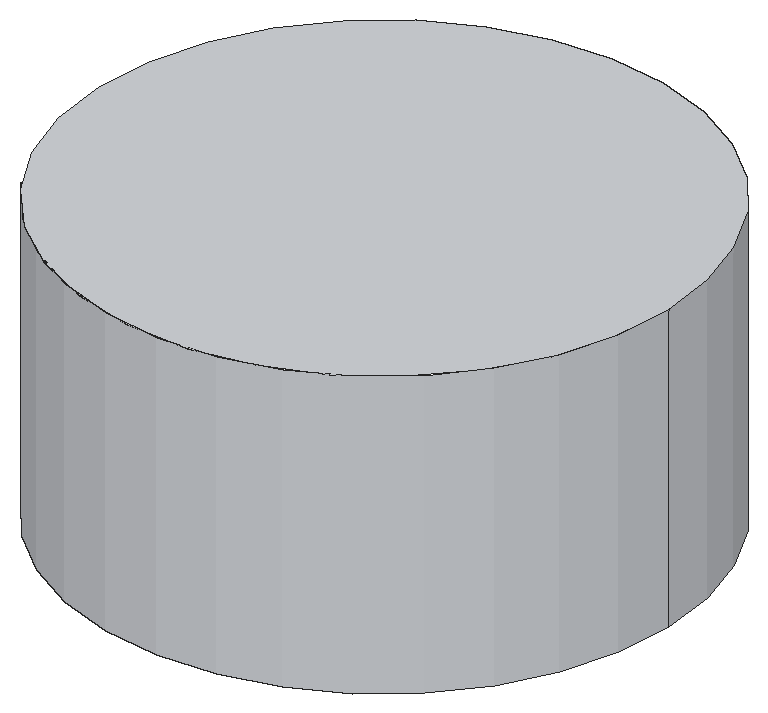
Revit family "ASF-8-C6", category Mechanical Equipment, Revit 2023
Family settings
  Round Connector Dimension = Use Diameter
  Classification = None
  Part Type = Normal
  OmniClass Number = 23.75.00.00
  OmniClass Title = Climate Control (HVAC)
  Work Plane-Based = No
  Always vertical = Yes
  Cut with Voids When Loaded = No
  Maintain Annotation Orientation = No
  Shared = No
  Room Calculation Point = No
Parameters (values of type "Standard")
  Volume = 0.0394088 CF
  Title = "Aura Solar Attic Fan - 8\" Diameter, 6\" Tall Collar"
  Subject = "ASF-8-C6"
  Requested Accuracy = "Low"
  Part Number = "ASF-8-C6"
  Mass = 6.43456 lbm
  Designer = "CAD Machine"
  Design State = 1
  Density = 163.277 lb/ft³
  Default Elevation = 0' - 0"
  Creation Date = "11/14/2022"
  Connector_1_Diameter = 0' - 7 3/4"
  Center of Gravity = "X: 0.012 in Y: 3.758 in Z: -0.022 in"
  Author = "CAD Machine"
  Area = 18.0038 SF
Reference planes (in)
  plane 1 "Center (Front/Back)": y = 0
  plane 2: z = 0
  plane 3 "Center (Left/Right)": x = 0
Forms (in)
  Extrusion 1, solid
    sketch origin (0, 0, -6.49054) x (1, 0, 0) y (0, 1, 0)
      loop
        circle (0, 0) r 0.12
    from 0 to -0.12
Dimensions and locks (in)
  aligned and locked: plane 2 to level
Connectors (in)
  hvac at (0, 0, -6.49054), driven by "Connector_1_Diameter"
    settings: on Extrusion 1, index 1, duct flow 0 CFM, flow factor 0, pres drop 0.00 in-wg, loss coef 0, conn angle 0.00°, conn width 12", conn height 12", conn diameter 7 3/4", duct sys type 3, conn prof type 0, flow config 1, flow direction 1, loss method 0, conn ref index -1, conn util no, is conn primary yes, conn desc ""
